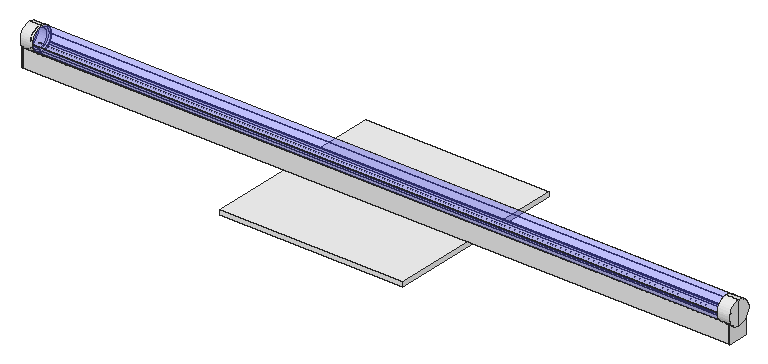
Revit family "BE_50143.1_de_DE", category Leuchten, Revit 2020
Family settings
  Basisbauteil = Fläche
  Bemaßung runder Anschluss = Durchmesser verwenden
  Teiletyp = Normal
  Beim Laden mit Abzugskörper schneiden = Ja
  Lichtquelle = Ja
  Gemeinsam genutzt = Nein
  Raumberechnungspunkt = Ja
Parameters (values of type "BEGA_50143.1_K4")
  built-in parameter 1150104 = 14.939 (stored number, unit not read)
  Wattage = 52.8 W
  Default Elevation = 0 mm
  built-in parameter 1150113 = 1 (stored number, unit not read)
  built-in parameter 1114218 = 1 (stored number, unit not read)
  Umgebungstemperatur = "25 °C"
  URL = "https://www.bega.com/de/produkt/50143.1"
  Typenkommentare = "© 2022 BEGA. Wir behalten uns das Recht vor, technische Änderungen ohne vorherige Ankündigung vorzunehmen."  # constant formula
  built-in parameter 1150134 = 12
  built-in parameter 1150109 = 1 (stored number, unit not read)
  Strom = ""
  built-in parameter 1150110 = 1 (stored number, unit not read)
  Spannung = 239.996 V
  Sonderanfertigung = no
  Seriennummer [instance] = "Hier können Sie die eindeutige Seriennummer für das Facility Management eintragen."
  Schutzklasse = "I"
  Schutzart = "IP 20"
  Scheinlast = 0 VA
  Produktdatenblatt = "https://cdn.bega.com/bega/products/50143.1K3/current/documents/data-sheets/de"
  Oberflächentemperatur = ""
  Neigungswinkel = 0.00°
  Modell = "50143.1K4"
  Material_17 = BEGA_Reflektor
  Material_15 = BEGA_Leuchtmedium_matt
  Material_14 = BEGA_Kunststoff_opal
  Material_11 = BEGA_Glas_opal
  Material_09 = BEGA_Glas_klar
  Material_06 = BEGA_Oberfläche_Edelstahl_gebürstet
  Material_05 = BEGA_Oberfläche_Aluminium Guss
  Material_03 = BEGA_Oberfläche_Weiss_matt
  Material_02 = BEGA_Oberfläche_Silber_matt
  Material_01 [instance] = BEGA_Oberfläche_Grafit_matt
  M_W = no
  M_G = no
  M_A = no
  Logo = 0
  built-in parameter 1114217 = 1 (stored number, unit not read)
  built-in parameter 1150139 = (empty or 0)
  built-in parameter 1150105 = 675.63 (stored number, unit not read)
  built-in parameter 1150114 = 1 (stored number, unit not read)
  Lumens = 8490.24 lm
  built-in parameter 1150115 = 1 (stored number, unit not read)
  Leuchtenlichtstrom = "6511 lm"
  Leuchtenanzahl = ""
  Lebensdauerkriterien = "L70B50 @ 25 °C = 83000 h"
  Lastklassifizierung = Beleuchtung
  built-in parameter 1150112 = 1 (stored number, unit not read)
  Lampenlichtstrom = "8310 lm"
  Lampe = "LED 52.2 W"
  LED_Modulbezeichnung = "6x LED-0694/930"
  Hersteller = "BEGA"  # constant formula
  Halbstreuwinkel = ""
  Gewicht = "3.8 kg"
  Gebrauchslageneinschränkung [instance] = ""
  Frequenz = "0/50-60 Hz"
  Farbwiedergabeindex = "CRI > 90"
  Farbtemperaturverschiebung bei Dämpfen der Lampe = <Keine Auswahl>
  Farbtemperatur = "4000 K"
  Color Filter = 16777215
  built-in parameter 1150133 = 10 (stored number, unit not read)
  Energieeffizienzklasse = "LED A++ - A"
  built-in parameter 1150137 = (empty or 0)
  built-in parameter 1150132 = (empty or 0)
  ENEC = "ja"
  Dimmbar [instance] = "DALI"
  Datei für fotometrisches Netz = "BE_50143.1K4.IES"
  CE_Konformität = "ja"
  Bestellnummer = "50143.1K4"
  Beschreibung_Sonderanfertigung = "Hier können Sie Informationen zur Sonderanfertigung eintragen."
  Beschreibung = "Decken- und Wandleuchte"
  built-in parameter 1150106 = 6.7563 (stored number, unit not read)
  Befestigungsbohrung = "Ø 6,5 mm"
  Befestigungsabstand = ""
  Ballwurfsicher = ""
  BEGA_Intern_aus = yes
  BEGA_Intern_an = yes
  BEGA_Intern_Konstruktion = yes
  BEGA_Intern = yes
  BEGA_IES = yes
  BEGA_Dummy = no
  Anschlussleitung = ""
  Anschlussleistung [instance] = "61 W"
  Anschlusskasten = ""
  built-in parameter 1150107 = 4000 (stored number, unit not read)
  built-in parameter 1150102 = (empty or 0)
  built-in parameter 1150138 = (empty or 0)
  Aktualisierung = "2022-05-18T04:00:07"
  Abstand_zur_angestrahlten_Fläche [instance] = ""
  AC/DC = "AC/DC"
Types (2, lengths in mm): name | built-in parameter 1150104 | built-in parameter 1150134 | Modell | built-in parameter 1150105 | Lumens | Farbtemperatur | Datei für fotometrisches Netz | Bestellnummer | built-in parameter 1150106 | built-in parameter 1150107
  BEGA_50143.1_K3 | 14.465 (stored number, unit not read) | (empty or 0) | "50143.1K3" | 654.2 (stored number, unit not read) | 8220.96 lm | "3000 K" | "BE_50143.1K3.IES" | "50143.1K3" | 6.542 (stored number, unit not read) | 3000 (stored number, unit not read)
  BEGA_50143.1_K4 | 14.939 (stored number, unit not read) | 12 | "50143.1K4" | 675.63 (stored number, unit not read) | 8490.24 lm | "4000 K" | "BE_50143.1K4.IES" | "50143.1K4" | 6.7563 (stored number, unit not read) | 4000 (stored number, unit not read)
Reference planes
  plane 1 "Mitte (Vorne/Hinten)": y = 0
  plane 2: z = 0
  plane 3 "Mitte (Links/Rechts)": x = 0
  plane 4 "Links": x = -775
  plane 5 "Rechts": x = 775
  plane 6 "Unten": y = -25.454
  plane 7 "Oben": y = 25.454
  plane 8 "Vorne": z = 79.5
  plane 9 "Hinten": z = 0
Forms (mm)
  Extrusion 1, solid, material "BEGA_Platte_Weiss"
    sketch origin (0, -1119.2, 0) x (1, 0, 0) y (0, 1, 0)
      loop
        line (-200, 1319.2) -> (-200, 919.2) -> (200, 919.2) -> (200, 1319.2) -> (-200, 1319.2)
    from 0 to -10
  Extrusion 2, solid, material "BEGA_Dummy_matt", visible <- "BEGA_Dummy"
    sketch origin (80.095, -76.023, 0) x (1, 0, 0) y (0, 1, 0)
      loop
        line (-855.095, 101.477) -> (-855.095, 50.569) -> (694.905, 50.569) -> (694.905, 101.477) -> (-855.095, 101.477)
    from 0 to 79.5
Dimensions and locks
  plane 1 "Mitte (Vorne/Hinten)" to Extrusion 1 = 200 mm
  aligned and locked: plane 2 to Extrusion 1
  aligned and locked: level to Extrusion 1
Nested families
  nested 1: "BE_50143.1" at (0, 0, 0), type "BE_50143.1"
Connectors
  electrical at (0, 0, 0), driven by "Lastklassifizierung", driven by "Spannung", driven by "Scheinlast"
    settings: index 1, voltage 239.996 V, apparent load 0 VA, apparent load phase1 0 VA, apparent load phase2 0 VA, apparent load phase3 0 VA, power factor 1, load classification "Beleuchtung", number of poles 1, system type 31, power factor state 1, is connector primary yes, connector utility no, sub classification motor no, connector description ""
Definition of nested family "BE_50143.1"
  Parameters (values of type "BE_50143.1")
    Default Elevation = 1 mm
    URL = "http://www.bega.de/de/produkt"
    Type Comments = "© 2015 BEGA. Wir behalten uns das Recht vor, technische Änderungen ohne vorherige Ankündigung vorzunehmen. "  # constant formula
    Type Image = (empty or 0)
    Neigungswinkel_um_Z2 = 0.00°
    Neigungswinkel_um_Z1 = 0.00°
    Neigungswinkel_um_Y2 = 0.00°
    Neigungswinkel_um_Y1 = 0.00°
    Neigungswinkel_um_X2 = 0.00°
    Neigungswinkel_um_X1 = 0.00°
    Material_17 = none
    Material_15 = none
    Material_14 = none
    Material_11 = none
    Material_09 = none
    Material_06 = none
    Material_05 = none
    Material_03 = none
    Material_02 = none
    Material_01 = none
    M_W = yes
    M_G = yes
    M_A = yes
    Länge_Platte = 1700 mm  # constant formula
    Höhe_Platte = -10 mm  # constant formula
    Manufacturer = "BEGA"  # constant formula
    Drehwinkel_um_Z2 = 0.00°
    Drehwinkel_um_Z1 = 0.00°
    Breite_Platte = 200 mm  # constant formula
  Reference planes
    plane 1 "Mitte (Oben/Unten)": y = 0
    plane 2: z = 0
    plane 3 "Mitte (Links/Rechts)": x = 0
    plane 4: y = -25.454
    plane 5: z = 79.5
    plane 6: y = 25.454
    plane 7: x = -775
    plane 8: x = 775
  Forms (mm)
    Extrusion 1, solid, detail levels medium
      sketch origin (0, 0, 0) x (1, 0, 0) y (0, 1, 0)
        loop
          line (-850, 100) -> (-850, -100) -> (850, -100) -> (850, 100) -> (-850, 100)
      from 0 to -10 <- "Höhe_Platte"
    Extrusion 2, solid, material <- "Material_03", detail levels medium+fine
      sketch origin (0, 0, 0) x (0, 1, 0) y (0, 0, 1)
        loop
          line (-22.75, 0) -> (-16, 0) -> (-16, 2) -> (-20.75, 2) -> (-20.75, 28.454)
          arc (-20.75, 28.454) -> (-20.25, 29.32) -> (-19.25, 29.32) r 1
          line (-19.25, 29.32) -> (-13.5, 26) -> (-7.983, 26) -> (-7.983, 28.588) -> (-20, 35.526) -> (-20.266, 38.57)
          arc (-20.266, 38.57) -> (-20.71, 39.168) -> (-21.136, 39.78) r 25.5
          arc (-21.136, 39.78) -> (-21.502, 39.998) -> (-21.942, 39.865) r 0.5
          line (-21.942, 39.865) -> (-22.75, 38.996) -> (-22.75, 0)
        loop
          line (22.75, 0) -> (22.75, 38.996) -> (21.942, 39.865)
          arc (21.942, 39.865) -> (21.502, 39.998) -> (21.136, 39.78) r 0.5
          arc (21.136, 39.78) -> (20.71, 39.168) -> (20.266, 38.57) r 25.5
          line (20.266, 38.57) -> (20, 35.526) -> (7.983, 28.588) -> (7.983, 26) -> (13.5, 26) -> (19.25, 29.32)
          arc (19.25, 29.32) -> (20.25, 29.32) -> (20.75, 28.454) r 1
          line (20.75, 28.454) -> (20.75, 2) -> (16, 2) -> (16, 0) -> (22.75, 0)
      from -771.8 to 770.2
    Extrusion 3, solid, material <- "Material_03", detail levels medium+fine
      sketch origin (0, 0, 0) x (0, 1, 0) y (0, 0, 1)
        loop
          arc (-21.135, 39.779) -> (-21.511, 39.998) -> (-21.916, 39.84) r 0.5
          line (-21.916, 39.84) -> (-22.75, 38.996) -> (-22.75, 0) -> (22.75, 0) -> (22.75, 38.996) -> (21.942, 39.865)
          arc (21.942, 39.865) -> (21.511, 39.998) -> (21.135, 39.779) r 0.5
          arc (21.135, 39.779) -> (0, 28.546) -> (-21.135, 39.779) r 25.5
      from -773.8 to -771.8
    Extrusion 4, solid, material <- "Material_03", detail levels medium+fine
      sketch origin (1044, 0, 0) x (0, 1, 0) y (0, 0, 1)
        loop
          arc (-21.135, 39.779) -> (-21.511, 39.998) -> (-21.916, 39.84) r 0.5
          line (-21.916, 39.84) -> (-22.75, 38.996) -> (-22.75, 0) -> (22.75, 0) -> (22.75, 38.996) -> (21.942, 39.865)
          arc (21.942, 39.865) -> (21.511, 39.998) -> (21.135, 39.779) r 0.5
          arc (21.135, 39.779) -> (0, 28.546) -> (-21.135, 39.779) r 25.5
      from -273.8 to -271.8
    Extrusion 5, solid, material <- "Material_05", detail levels medium+fine
      sketch origin (250, 0, 0) x (1, 0, 0) y (0, 1, 0)
        loop
          line (422.7, -17.315) -> (450.2, -17.315) -> (450.2, 17.129) -> (422.7, 17.129) -> (422.7, -17.315)
        loop
          line (-14.8, -17.315) -> (12.7, -17.315) -> (12.7, 17.129) -> (-14.8, 17.129) -> (-14.8, -17.315)
        loop
          line (-952.3, -17.315) -> (-924.8, -17.315) -> (-924.8, 17.129) -> (-952.3, 17.129) -> (-952.3, -17.315)
      from 2 to 4.6
    Extrusion 6, void
      sketch origin (250, 0, 0) x (1, 0, 0) y (0, 1, 0)
        loop
          arc (-935.05, 3) -> (-938.3, 6.25) -> (-941.55, 3) r 3.25
          line (-941.55, 3) -> (-941.55, -3)
          arc (-941.55, -3) -> (-938.3, -6.25) -> (-935.05, -3) r 3.25
          line (-935.05, -3) -> (-935.05, 3)
        loop
          arc (439.7, -3.25) -> (442.95, 0) -> (439.7, 3.25) r 3.25
          line (439.7, 3.25) -> (433.7, 3.25)
          arc (433.7, 3.25) -> (430.45, 0) -> (433.7, -3.25) r 3.25
          line (433.7, -3.25) -> (439.7, -3.25)
        loop
          arc (2.2, -3.25) -> (5.45, 0) -> (2.2, 3.25) r 3.25
          line (2.2, 3.25) -> (-3.8, 3.25)
          arc (-3.8, 3.25) -> (-7.05, 0) -> (-3.8, -3.25) r 3.25
          line (-3.8, -3.25) -> (2.2, -3.25)
      from 0 to 4.6
    Revolve 7, solid, material <- "Material_03", detail levels medium+fine
      sketch origin (0, 0, 0) x (1, 0, 0) y (0, 0, 1)
        loop
          line (-775, 79.5) -> (-775, 54) -> (-767.5, 54) -> (-767.5, 59.1) -> (-773, 62.275) -> (-773, 74.541) -> (-753.595, 74.88) -> (-753.595, 78.421) -> (-748, 78.518) -> (-748, 79.5) -> (-775, 79.5)
        axis (-748, 54) -> (-775, 54)
      angle from 0 to 360
    Extrusion 8, solid, material <- "Material_14", detail levels medium+fine
      sketch origin (0, 0, 0) x (0, 1, 0) y (0, 0, 1)
        loop
          circle (0, 54.046) r 25.454
      from -748 to 748
    Revolve 9, void
      sketch origin (0, 0, 0) x (1, 0, 0) y (0, 0, 1)
        loop
          line (-776.036, 58) -> (-776.036, 54) -> (-769.464, 54) -> (-769.464, 58) -> (-776.036, 58)
        axis (-769.464, 54) -> (-776.036, 54)
      angle from 0 to 360
    Revolve 10, solid, material <- "Material_06", detail levels fine
      sketch origin (0, 0, 0) x (1, 0, 0) y (0, 0, 1)
        loop
          line (-774.464, 57.5) -> (-774.464, 54) -> (-769.464, 54) -> (-769.464, 57.5) -> (-774.464, 57.5)
        axis (-769.464, 54) -> (-774.464, 54)
      angle from 0 to 360
    Revolve 11, solid, material <- "Material_03", detail levels medium+fine
      sketch origin (0, 0, 0) x (-1, 0, 0) y (0, 0, 1)
        loop
          line (-775, 79.5) -> (-775, 54) -> (-767.5, 54) -> (-767.5, 59.1) -> (-773, 62.275) -> (-773, 74.541) -> (-753.595, 74.88) -> (-753.595, 78.421) -> (-748, 78.518) -> (-748, 79.5) -> (-775, 79.5)
        axis (-748, 54) -> (-775, 54)
      angle from 0 to 360
  Cuts and joins
    joined: Extrusion 3, Extrusion 4
    Extrusion 6 cuts Extrusion 5
    Revolve 9 cuts Revolve 7
    joined: Revolve 7, Revolve 11
  Dimensions and locks
    equal spacing: Extrusion 1 sketch curve, plane 3 "Mitte (Links/Rechts)", Extrusion 1 sketch curve
    equal spacing: Extrusion 1 sketch curve, plane 1 "Mitte (Oben/Unten)", Extrusion 1 sketch curve
    "Länge_Platte": Extrusion 1 sketch curve to Extrusion 1 sketch curve
    "Breite_Platte": Extrusion 1 sketch curve to Extrusion 1 sketch curve
    aligned and locked: Extrusion 1 to plane 2
    aligned and locked: level to Extrusion 1
  Automatic sketch dimensions
    Extrusion 2 sketch curve to level = 0 mm  (x2)
    plane 4 to Extrusion 2 sketch curve = 2.704 mm
    Extrusion 2 sketch curve to Extrusion 2 sketch curve = 1.2 mm  (x2)
    plane 4 to Extrusion 2 sketch curve = 4.704 mm
    Extrusion 2 sketch curve to Extrusion 2 sketch curve = 1.284 mm  (x2)
    Extrusion 2 sketch curve to Extrusion 2 sketch curve = 0.266 mm  (x2)
    Extrusion 2 sketch curve to Extrusion 2 sketch curve = 1 mm
    Extrusion 2 sketch curve to Extrusion 2 sketch curve = 4.75 mm
    Extrusion 2 sketch curve to Extrusion 2 sketch curve = 6.25 mm
    Extrusion 2 sketch curve to Extrusion 2 sketch curve = 5.517 mm  (x2)
    plane 1 "Mitte (Oben/Unten)" to Extrusion 2 sketch curve = 0 mm
    Extrusion 2 sketch curve to plane 1 "Mitte (Oben/Unten)" = 0 mm
    Extrusion 2 sketch curve to plane 1 "Mitte (Oben/Unten)" = 7.983 mm
    level to Extrusion 2 sketch curve = 2 mm  (x2)
    plane 6 to Extrusion 2 sketch curve = 9.454 mm
    plane 6 to Extrusion 2 sketch curve = 5.704 mm
    plane 6 to Extrusion 2 sketch curve = 5.454 mm
    plane 6 to Extrusion 2 sketch curve = 4.704 mm
    Extrusion 2 sketch curve to Extrusion 2 sketch curve = 24 mm
    Extrusion 2 sketch curve to Extrusion 2 sketch curve = 0 mm  (x8)
    Extrusion 2 sketch curve to Extrusion 2 sketch curve = 2.454 mm  (x2)
    Extrusion 2 sketch curve to Extrusion 2 sketch curve = 2.588 mm  (x2)
    Extrusion 2 sketch curve to Extrusion 2 sketch curve = 7.073 mm  (x2)
    Extrusion 2 sketch curve to Extrusion 2 sketch curve = 3.043 mm  (x2)
    Extrusion 2 sketch curve to Extrusion 2 sketch curve = 0.426 mm  (x2)
    Extrusion 2 sketch curve to Extrusion 2 sketch curve = 0.504 mm  (x2)
    plane 5 to Extrusion 2 sketch curve = 25.454 mm
    Extrusion 2 sketch curve to Extrusion 2 sketch curve = 0.392 mm
    Extrusion 2 sketch curve to Extrusion 2 sketch curve = 0.039 mm  (x2)
    Extrusion 2 sketch curve to Extrusion 2 sketch curve = 0.5 mm  (x2)
    Extrusion 2 sketch curve to Extrusion 2 sketch curve = 0.354 mm
    Extrusion 2 sketch curve to Extrusion 2 sketch curve = 0.011 mm  (x2)
    Extrusion 3 sketch curve to level = 0 mm
    Extrusion 3 sketch curve to plane 1 "Mitte (Oben/Unten)" = 0 mm
    plane 4 to Extrusion 3 sketch curve = 3.905 mm
    Extrusion 3 sketch curve to Extrusion 3 sketch curve = 1.2 mm
    plane 6 to Extrusion 3 sketch curve = 3.905 mm
    plane 6 to Extrusion 3 sketch curve = 2.704 mm
    Extrusion 3 sketch curve to Extrusion 3 sketch curve = 38.996 mm  (x2)
    Extrusion 3 sketch curve to Extrusion 3 sketch curve = 0.504 mm  (x2)
    plane 5 to Extrusion 3 sketch curve = 25.454 mm
    Extrusion 3 sketch curve to Extrusion 3 sketch curve = 0.414 mm  (x2)
    Extrusion 3 sketch curve to Extrusion 3 sketch curve = 0 mm  (x3)
    Extrusion 3 sketch curve to Extrusion 3 sketch curve = 0.366 mm  (x2)
    Extrusion 3 sketch curve to Extrusion 3 sketch curve = 0.026 mm  (x2)
    Extrusion 3 sketch curve to Extrusion 3 sketch curve = 0.28 mm  (x2)
    Extrusion 3 sketch curve to Extrusion 3 sketch curve = 0.025 mm  (x2)
    Extrusion 4 sketch curve to level = 0 mm
    Extrusion 4 sketch curve to plane 1 "Mitte (Oben/Unten)" = 0 mm
    plane 4 to Extrusion 4 sketch curve = 3.905 mm
    Extrusion 4 sketch curve to Extrusion 4 sketch curve = 1.2 mm
    plane 6 to Extrusion 4 sketch curve = 3.905 mm
    plane 6 to Extrusion 4 sketch curve = 2.704 mm
    Extrusion 4 sketch curve to Extrusion 4 sketch curve = 38.996 mm  (x2)
    Extrusion 4 sketch curve to Extrusion 4 sketch curve = 0.504 mm  (x2)
    plane 5 to Extrusion 4 sketch curve = 25.454 mm
    Extrusion 4 sketch curve to Extrusion 4 sketch curve = 0.414 mm  (x2)
    Extrusion 4 sketch curve to Extrusion 4 sketch curve = 0 mm  (x3)
    Extrusion 4 sketch curve to Extrusion 4 sketch curve = 0.366 mm  (x2)
    Extrusion 4 sketch curve to Extrusion 4 sketch curve = 0.026 mm  (x2)
    Extrusion 4 sketch curve to Extrusion 4 sketch curve = 0.28 mm  (x2)
    Extrusion 4 sketch curve to Extrusion 4 sketch curve = 0.025 mm  (x2)
    Revolve 7 sketch curve to plane 5 = 0 mm
    plane 5 to Revolve 7 sketch curve = 25.5 mm
    Revolve 7 sketch curve to Revolve 7 sketch curve = 2 mm
    plane 5 to Revolve 7 sketch curve = 20.4 mm
    Revolve 7 sketch curve to Revolve 7 sketch curve = 5.5 mm
    plane 5 to Revolve 7 sketch curve = 4.62 mm
    Revolve 7 sketch curve to Revolve 7 sketch curve = 19.405 mm
    plane 5 to Revolve 7 sketch curve = 0.982 mm
    Revolve 7 sketch curve to Revolve 7 sketch curve = 5.595 mm
    Revolve 7 sketch curve to Revolve 7 sketch curve = 3.175 mm
    plane 5 to Revolve 7 sketch curve = 4.959 mm
    plane 5 to Revolve 7 sketch curve = 1.079 mm
    Revolve 7 sketch curve to Revolve 7 sketch curve = 3.314 mm
    Revolve 7 sketch curve to Revolve 7 sketch curve = 0 mm  (x2)
    Extrusion 8 sketch curve to plane 1 "Mitte (Oben/Unten)" = 0 mm
    plane 5 to Extrusion 8 sketch curve = 25.454 mm
    plane 5 to Revolve 9 sketch curve = 25.5 mm
    Revolve 9 sketch curve to Revolve 9 sketch curve = 6.572 mm
    Revolve 9 sketch curve to Revolve 9 sketch curve = 4 mm
    Revolve 9 sketch curve to Revolve 9 sketch curve = 0.632 mm
    Revolve 9 sketch curve to Revolve 9 sketch curve = 0.5 mm
    Revolve 9 sketch curve to Revolve 9 sketch curve = 0 mm
    plane 5 to Revolve 10 sketch curve = 22 mm
    Revolve 10 sketch curve to Revolve 10 sketch curve = 5 mm
    Revolve 10 sketch curve to Revolve 10 sketch curve = 3.5 mm
    Revolve 10 sketch curve to Revolve 10 sketch curve = 0 mm  (x3)
    Revolve 11 sketch curve to plane 5 = 0 mm
    Revolve 11 sketch curve to plane 5 = 25.5 mm
    Revolve 11 sketch curve to Revolve 11 sketch curve = 2 mm
    Revolve 11 sketch curve to plane 5 = 20.4 mm
    Revolve 11 sketch curve to Revolve 11 sketch curve = 5.5 mm
    Revolve 11 sketch curve to plane 5 = 4.62 mm
    Revolve 11 sketch curve to Revolve 11 sketch curve = 19.405 mm
    Revolve 11 sketch curve to plane 5 = 0.982 mm
    Revolve 11 sketch curve to Revolve 11 sketch curve = 5.595 mm
    Revolve 11 sketch curve to Revolve 11 sketch curve = 3.175 mm
    Revolve 11 sketch curve to plane 5 = 4.959 mm
    Revolve 11 sketch curve to plane 5 = 1.079 mm
    Revolve 11 sketch curve to Revolve 11 sketch curve = 3.314 mm
    Revolve 11 sketch curve to Revolve 11 sketch curve = 0 mm  (x2)
    Revolve 7 sketch curve to plane 3 "Mitte (Links/Rechts)" = 775 mm
    Revolve 9 sketch curve to plane 3 "Mitte (Links/Rechts)" = 776.036 mm
    Revolve 10 sketch curve to plane 3 "Mitte (Links/Rechts)" = 774.464 mm
    Revolve 11 sketch curve to plane 3 "Mitte (Links/Rechts)" = 775 mm
    plane 1 "Mitte (Oben/Unten)" to Extrusion 6 sketch curve = 0 mm  (x2)
    plane 1 "Mitte (Oben/Unten)" to Extrusion 6 sketch curve = 3 mm
    Extrusion 6 sketch curve to plane 3 "Mitte (Links/Rechts)" = 691.55 mm
    Extrusion 6 sketch curve to Extrusion 6 sketch curve = 3.25 mm
    plane 3 "Mitte (Links/Rechts)" to Extrusion 6 sketch curve = 246.2 mm
    Extrusion 6 sketch curve to Extrusion 6 sketch curve = 6 mm  (x2)
    plane 1 "Mitte (Oben/Unten)" to Extrusion 6 sketch curve = 3.25 mm  (x2)
    Extrusion 6 sketch curve to Extrusion 6 sketch curve = 431.5 mm
    Extrusion 6 sketch curve to plane 1 "Mitte (Oben/Unten)" = 3 mm
    plane 4 to Extrusion 5 sketch curve = 8.14 mm  (x3)
    Extrusion 5 sketch curve to plane 3 "Mitte (Links/Rechts)" = 702.3 mm
    plane 6 to Extrusion 5 sketch curve = 8.325 mm  (x3)
    Extrusion 5 sketch curve to Extrusion 5 sketch curve = 27.5 mm  (x3)
    plane 3 "Mitte (Links/Rechts)" to Extrusion 5 sketch curve = 235.2 mm
    Extrusion 5 sketch curve to Extrusion 5 sketch curve = 410 mm
    radius of Extrusion 8 sketch curve = 25.454 mm
